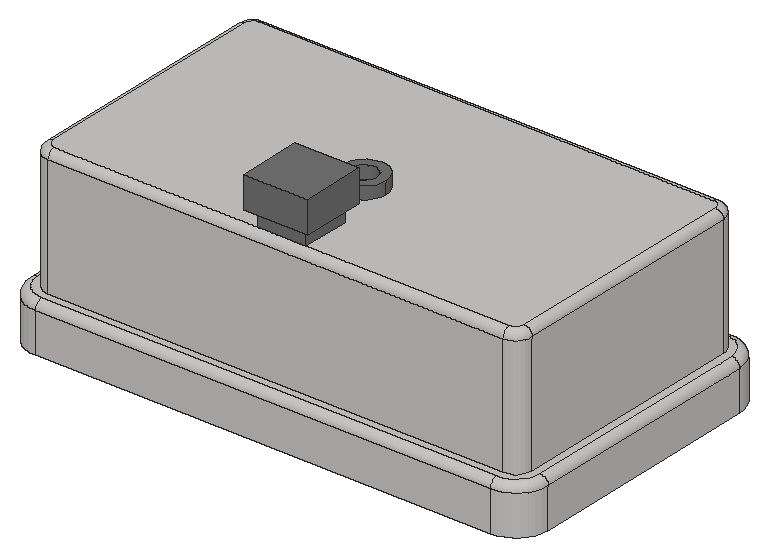
Revit family
Parameters (values of type "B-2112")
  offset [instance] = 0' - 0"
  Warranty Duration (Years) = 0
  Unit Width = 0' - 8 1/8"
  Unit Height = 0' - 4 3/4"
  Unit Depth = 0' - 2 3/4"
  URL = "http://www.bobrick.com/Pages/default.aspx"
  Specification = ""
  SpecWizard = ""
  Send Message = "http://www.arcat.com/users.pl?action=UserEmail&company=Bobrick+Washroom+Equipment,+Inc.&coid=30988&rep=156&fax=818-503-1930&mf="
  Sales Information = "http://www.bobrick.com/Pages/ContactUs.aspx"
  Revision = "R1_10-2012"
  Product Properties = ""
  Product Data = "http://arcat.com/arcatcos/cos30/arc30988.html?isac=1&r=1"
  Mounting Height [instance] = 4' - 2 7/8"
  Model = "B-2112"
  Manufacturer Website = "http://www.bobrick.com/Pages/default.aspx"
  Manufacturer Phone - Toll Free = ""
  Manufacturer Phone = "818-764-1000"
  Manufacturer Fax = "818-503-1930"
  Manufacturer Address = "11611 Hart St. North Hollywood, CA 91605-5882"
  Manufacturer = "Bobrick Washroom Equipment, Inc."
  Maintenance Schedule (Months) = 0
  Keynote = "102813"
  Installation-Fabrication = "http://www.bobrick.com/washroomaccessories/Pages/WashroomAccessories.aspx"
  Installation Phase = ""
  Green Building-LEED = ""
  Finish Material = Stainless Steel - Bobrick - Satin
  Expected Lifespan (Years) = 0
  Drawn By = "Sumex Design, Inc. / Robert S. Weygant, CSI, CDT, SCIP"
  Description = "Bobrick B-2112 Classic Series Surface Mounted Soap Dispenser"
  Default Elevation = 4' - 0"
  Copyright = "©Arcat Inc."
  Construction Details = ""
  Capacity = "40 fl oz"
  Assembly Code = "E1090900"
  Accessory Material = Paint - Bobrick - Black
Types (2): name | Unit Width | Unit Height | Model | Description
  B-2112 | 0' - 8 1/8" | 0' - 4 3/4" | "B-2112" | "Bobrick B-2112 Classic Series Surface Mounted Soap Dispenser"
  B-2111 | 0' - 4 3/4" | 0' - 8 1/8" | "B-2111" | "Bobrick B-2111 Classic Series Surface Mounted Soap Dispenser"
Reference planes (in)
  plane 1 "Center (Front/Back)": y = 20.60306
  plane 2 "Bottom": z = 0
  plane 3 "Center (Left/Right)": x = 0
  plane 4 "Front": y = 18.22806
  plane 5 "Back": y = 22.97806
  plane 6 "Left": x = -4.0625
  plane 7 "Right": x = 4.0625
  plane 8 "Top": z = 2.75
  plane 9: y = -27.89694
Forms (in)
  Sweep 1, solid, material "Stainless Steel - Bobrick - Satin" <- "Finish Material"
    path origin (0, 0, 0) x (1, 0, 0) y (0, 1, 0)
      loop
        arc (-3.5625, 22.97806) -> (-3.91605, 22.83162) -> (-4.0625, 22.47806) r 0.5
        line (-4.0625, 22.47806) -> (-4.0625, 18.72806)
        arc (-4.0625, 18.72806) -> (-3.91605, 18.37451) -> (-3.5625, 18.22806) r 0.5
        line (-3.5625, 18.22806) -> (3.5625, 18.22806)
        arc (3.5625, 18.22806) -> (3.91605, 18.37451) -> (4.0625, 18.72806) r 0.5
        line (4.0625, 18.72806) -> (4.0625, 22.47806)
        arc (4.0625, 22.47806) -> (3.91605, 22.83162) -> (3.5625, 22.97806) r 0.5
        line (3.5625, 22.97806) -> (-3.5625, 22.97806)
    profile origin (0, 22.97806, 0) x (0, 1, 0) y (0, 0, 1)
      loop
        arc (0, 0.625) -> (-0.03661, 0.71339) -> (-0.125, 0.75) r 0.125
        line (-0.125, 0.75) -> (-0.25, 0.75) -> (-0.25, 2.625)
        arc (-0.25, 2.625) -> (-0.28661, 2.71339) -> (-0.375, 2.75) r 0.125
        line (-0.375, 2.75) -> (-0.46947, 2.75) -> (-0.46947, 0) -> (0, 0) -> (0, 0.625)
  Extrusion 2, solid, material "Stainless Steel - Bobrick - Satin" <- "Finish Material"
    sketch origin (0, 0, 0) x (1, 0, 0) y (0, 1, 0)
      loop
        arc (-3.6875, 18.72806) -> (-3.65089, 18.63967) -> (-3.5625, 18.60306) r 0.125
        line (-3.5625, 18.60306) -> (3.5625, 18.60306)
        arc (3.5625, 18.60306) -> (3.65089, 18.63967) -> (3.6875, 18.72806) r 0.125
        line (3.6875, 18.72806) -> (3.6875, 22.47806)
        arc (3.6875, 22.47806) -> (3.65089, 22.56645) -> (3.5625, 22.60306) r 0.125
        line (3.5625, 22.60306) -> (-3.5625, 22.60306)
        arc (-3.5625, 22.60306) -> (-3.65089, 22.56645) -> (-3.6875, 22.47806) r 0.125
        line (-3.6875, 22.47806) -> (-3.6875, 18.72806)
    from 0 to 2.75
  Extrusion 3, solid, material "Paint - Bobrick - Black" <- "Accessory Material"
    sketch origin (0, 0, 0) x (1, 0, 0) y (0, 1, 0)
      loop
        line (-0.5, 19.47878) -> (-0.5, 18.47806) -> (0.5, 18.47806) -> (0.5, 19.47878) -> (-0.5, 19.47878)
    from 3 to 3.5
  Extrusion 4, solid, material "Paint - Bobrick - Black" <- "Accessory Material"
    sketch origin (0, 0, 0) x (1, 0, 0) y (0, 1, 0)
      loop
        line (-0.375, 19.35331) -> (-0.375, 18.60318) -> (0.375, 18.60318) -> (0.375, 19.35331) -> (-0.375, 19.35331)
    from 2.75 to 3
  Extrusion 5, solid, material "Paint - Bobrick - Black" <- "Accessory Material"
    sketch origin (0, 0, 0) x (1, 0, 0) y (0, 1, 0)
      loop
        circle (0, 20.21409) r 0.33676
      loop
        circle (0, 20.21409) r 0.19503
    from 2.9375 to 2.75
Cuts and joins
  joined: Sweep 1, Extrusion 2
Dimensions and locks (in)
  equal spacing: plane 6 "Left", plane 3 "Center (Left/Right)", plane 7 "Right"
  "Unit Width": plane 6 "Left" to plane 7 "Right"
  equal spacing: plane 5 "Back", plane 1 "Center (Front/Back)", plane 4 "Front"
  "Unit Height": plane 5 "Back" to plane 4 "Front"
  "Unit Depth": plane 8 "Top" to level
  locked: Extrusion 5 sketch curve to plane 4 "Front" at 1.98603
  "Mounting Height": plane 5 "Back" to plane 9
  Extrusion 4 sketch curve to Extrusion 4 sketch curve to plane 4 "Front" = 0' - 0.75012" locked, 0' - 0.37512" locked
  aligned and locked: Sweep 1 sketch curve to plane 5 "Back"
  aligned and locked: Sweep 1 sketch curve to plane 7 "Right"
  aligned and locked: Extrusion 5 to plane 8 "Top"
  aligned and locked: Extrusion 2 to level
Automatic sketch dimensions
  Extrusion 3 sketch curve to plane 3 "Center (Left/Right)" = 0' - 0 1/2"
  plane 3 "Center (Left/Right)" to Extrusion 3 sketch curve = 0' - 0 1/2"
  Extrusion 3 sketch curve to Extrusion 3 sketch curve = 0' - 1.00072"
  Extrusion 4 sketch curve to plane 3 "Center (Left/Right)" = 0' - 0 3/8"
  plane 3 "Center (Left/Right)" to Extrusion 4 sketch curve = 0' - 0 3/8"
  Extrusion 5 sketch curve to Extrusion 5 sketch curve = 0' - 0"  (x2)
  Extrusion 5 sketch curve to plane 3 "Center (Left/Right)" = 0' - 0"
  Sweep 1 sketch curve to plane 6 "Left" = 0' - 0"
  Sweep 1 sketch curve to plane 4 "Front" = 0' - 0"
  plane 6 "Left" to Sweep 1 sketch curve = 0' - 0 1/2"
  Sweep 1 sketch curve to Sweep 1 sketch curve = 0' - 0 1/2"
  Sweep 1 sketch curve to plane 7 "Right" = 0' - 0 1/2"  (x2)
  plane 4 "Front" to Extrusion 3 sketch curve = 0' - 0 1/4"
  plane 6 "Left" to Extrusion 2 sketch curve = 0' - 0 3/8"
  plane 4 "Front" to Extrusion 2 sketch curve = 0' - 0 1/2"
  Extrusion 2 sketch curve to plane 5 "Back" = 0' - 0 1/2"
  Extrusion 2 sketch curve to Extrusion 2 sketch curve = 0' - 0 1/8"  (x4)
  Extrusion 2 sketch curve to plane 7 "Right" = 0' - 0 1/2"
  profile plane to Sweep 1 sketch curve = 0' - 0.46947"
  Sweep 1 sketch curve to Sweep 1 sketch curve = 0' - 0 1/8"
  Sweep 1 sketch curve to profile plane = 0' - 0"
  Sweep 1 sketch curve to Sweep 1 sketch curve = 0' - 1 7/8"
  Sweep 1 sketch curve to Sweep 1 sketch curve = 0' - 0.09447"
  Sweep 1 sketch curve to level = 0' - 0"
  level to Sweep 1 sketch curve = 0' - 0 5/8"
  profile plane to Sweep 1 sketch curve = 0' - 0 1/4"
  radius of Extrusion 5 sketch curve = 0' - 0.33676"
  radius of Extrusion 5 sketch curve = 0' - 0.19503"
